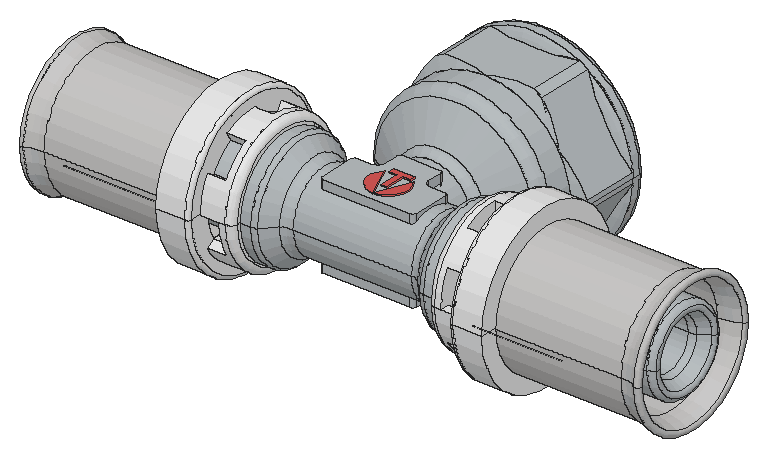
Revit family "VTm_232_ТройникПресс_ПереходВнутрРезьба1", category Соединительные детали трубопроводов, Revit 2017
Family settings
  Размер круглого соединителя = Использовать диаметр
  Тип детали = Боковой тройник
  На основе рабочей плоскости = Нет
  Всегда вертикально = Да
  При загрузке вырезать с полостями = Нет
  Общий = Нет
Parameters (values of type "16 х 1/2" х 16")
  Тело тройника = VTm_232_ТелоТройника_16_ПолДюйма_16 : 16 х 1/2" х 16
  Резьба = VTm_232_РезьбаСоСбегами_Внутр : 1/2" х 5 х 0,8
  Рад3 = Ду3 / 4  # 4.00 mm
  Рад2 = Ду2 / 4  # 3.75 mm
  Рад1 = Ду1 / 4  # 4.00 mm
  Описание = "Служит для присоединения фитингов с наружней резьбой к системам PEX и PE трубопроводов"  # constant formula
  Комментарии к типоразмеру = "Модель разработана по заказу ВЕСТА Регионы, автор Михаил Кузьмин НПО Инкомис, правообладатель ВЕСТА Регионы"  # constant formula
  Изготовитель = "VALTEC"  # constant formula
  Ду3 = 16.00 mm
  Ду2 = 15.00 mm
  Ду1 = 16.00 mm
  Длина основы 3 = 15.30 mm
  Длина основы 2 = 15.058 mm
  Длина основы 1 = 15.30 mm
  ГлубинаМамы х 07 = ГлубинаМамы * 0.7  # 9.10 mm
  ГлубинаМамы = 13.00 mm
  Гильза3 = VTm_232_Гильза_от_16_до_32 : 16
  Гильза1 = VTm_232_Гильза_от_16_до_32 : 16
  Видеть резьбу [instance] = yes
  VT_Цена базовая = 223
  VT_sleeve = Нержавеющая сталь
  VT_ring = Пластмасса, непрозрачная, белая
  VT_logo = Алюминий, анодированный красный
  VT_body = Цинк
  URL = "http://valtec.ru/catalog/sistemy_metallopolimernyh_i_polimernyh_truboprovodov/press_fitingi/press_fiting_trojnik_s_perehodom_na_vnutrennyuyu_rezbu_vtm232n.html"
  ADSK_Примечание = ""
  ADSK_Позиция = "232.160416"
  ADSK_Обозначение = "VTm.232.N.160416"
  ADSK_Наименование = "Тройник пресс с переходом на внутренюю резьбу 16х1/2\"х16 VTm.232"
  ADSK_Масса_Текст = "0,120"
  ADSK_Масса = 0.12
  ADSK_Завод-изготовитель = "VALTEC"  # constant formula
  ADSK_Единица измерения = "шт"  # constant formula
  ADSK_Версия семейства = "01.01"  # constant formula
  ADSK_Версия Revit = "2017"  # constant formula
Types (8, lengths in mm): name | Тело тройника | Резьба | Рад3 | Рад2 | Рад1 | Ду3 | Ду2 | Ду1 | Длина основы 3 | Длина основы 2 | Длина основы 1 | ГлубинаМамы х 07 | ГлубинаМамы | Гильза3 | Гильза1 | VT_Цена базовая | ADSK_Позиция | ADSK_Обозначение | ADSK_Наименование | ADSK_Масса_Текст | ADSK_Масса
  16 х 1/2" х 16 | VTm_232_ТелоТройника_16_ПолДюйма_16 : 16 х 1/2" х 16 | VTm_232_РезьбаСоСбегами_Внутр : 1/2" х 5 х 0,8 | 4.00 | 3.75 | 4.00 | 16.00 | 15.00 | 16.00 | 15.30 | 15.058 | 15.30 | 9.10 | 13.00 | VTm_232_Гильза_от_16_до_32 : 16 | VTm_232_Гильза_от_16_до_32 : 16 | 223 | "232.160416" | "VTm.232.N.160416" | "Тройник пресс с переходом на внутренюю резьбу 16х1/2\"х16 VTm.232" | "0,120" | 0.12
  20 х 1/2" 20 | VTm_232_ТелоТройника_20_ПолДюйма_20 : 20 х 1/2" х 20 | VTm_232_РезьбаСоСбегами_Внутр : 1/2" х 5 х 0,8 | 5.00 | 3.75 | 5.00 | 20.00 | 15.00 | 20.00 | 17.30 | 15.996 | 17.30 | 9.10 | 13.00 | VTm_232_Гильза_от_16_до_32 : 20 | VTm_232_Гильза_от_16_до_32 : 20 | 317 | "232.200420" | "VTm.232.N.200420" | "Тройник пресс с переходом на внутренюю резьбу 20х1/2\"х20 VTm.232" | "0,128" | 0.128
  20 х 3/4" х 20 | VTm_232_ТелоТройника_20_ТриЧетвертиДюйма_20 : 20 х 3/4" х 20 | VTm_232_РезьбаСоСбегами_Внутр : 3/4" х 5 х 1,8 | 5.00 | 5.00 | 5.00 | 20.00 | 20.00 | 20.00 | 18.30 | 17.555 | 18.30 | 9.80 | 14.00 | VTm_232_Гильза_от_16_до_32 : 20 | VTm_232_Гильза_от_16_до_32 : 20 | 370 | "232.200520" | "VTm.232.N.200520" | "Тройник пресс с переходом на внутренюю резьбу 20х3/4\"х20 VTm.232" | "0,192" | 0.192
  26 х 1" х 26 | VTm_232_ТелоТройника_26_1_26 : 26 х 1" х 26 | VTm_232_РезьбаСоСбегами_Внутр : 1" х 4 х 1,9 | 6.50 | 6.25 | 6.50 | 26.00 | 25.00 | 26.00 | 21.80 | 22.00 | 21.80 | 10.50 | 15.00 | VTm_232_Гильза_от_16_до_32 : 26 | VTm_232_Гильза_от_16_до_32 : 26 | 528 | "232.260626" | "VTm.232.N.260626" | "Тройник пресс с переходом на внутренюю резьбу 26х1\"х26 VTm.232" | "0,270" | 0.27
  26 х 1/2" х 26 | VTm_232_ТелоТройника_26_ПолДюйма_26 : 26 х 1/2" х 26 | VTm_232_РезьбаСоСбегами_Внутр : 1/2" х 5 х 0,8 | 6.50 | 3.75 | 6.50 | 26.00 | 15.00 | 26.00 | 21.30 | 17.634 | 21.30 | 9.10 | 13.00 | VTm_232_Гильза_от_16_до_32 : 26 | VTm_232_Гильза_от_16_до_32 : 26 | 431 | "232.260426" | "VTm.232.N.260426" | "Тройник пресс с переходом на внутренюю резьбу 26х1/2\"х26 VTm.232" | "0,244" | 0.244
  26 х 3/4" х 26 | VTm_232_ТелоТройника_26_ТриЧетвертиДюйма_26 : 26 х 3/4" х 26 | VTm_232_РезьбаСоСбегами_Внутр : 3/4" х 5 х 1,8 | 6.50 | 5.00 | 6.50 | 26.00 | 20.00 | 26.00 | 21.30 | 20.00 | 21.30 | 9.80 | 14.00 | VTm_232_Гильза_от_16_до_32 : 26 | VTm_232_Гильза_от_16_до_32 : 26 | 504 | "232.260526" | "VTm.232.N.260526" | "Тройник пресс с переходом на внутренюю резьбу 26х3/4\"х26 VTm.232" | "0,260" | 0.26
  32 х 1" х 32 | VTm_232_ТелоТройника_32_1_32 : 32 х 1" х 32 | VTm_232_РезьбаСоСбегами_Внутр : 1" х 4 х 1,9 | 8.00 | 6.25 | 8.00 | 32.00 | 25.00 | 32.00 | 24.30 | 23.50 | 24.297 | 10.50 | 15.00 | VTm_232_Гильза_от_16_до_32 : 32 | VTm_232_Гильза_от_16_до_32 : 32 | 705 | "232.320632" | "VTm.232.N.320632" | "Тройник пресс с переходом на внутренюю резьбу 32х1\"х32 VTm.232" | "0,444" | 0.444
  32 х 3/4" х 32 | VTm_232_ТелоТройника_32_ТриЧетвертиДюйма_32 : 32 х 3/4" х 32 | VTm_232_РезьбаСоСбегами_Внутр : 3/4" х 5 х 1,8 | 8.00 | 5.00 | 8.00 | 32.00 | 20.00 | 32.00 | 24.30 | 22.00 | 24.297 | 9.80 | 14.00 | VTm_232_Гильза_от_16_до_32 : 32 | VTm_232_Гильза_от_16_до_32 : 32 | 662 | "232.320532" | "VTm.232.N.320532" | "Тройник пресс с переходом на внутренюю резьбу 32х3/4\"х32 VTm.232" | "0,429" | 0.429
Reference planes
  plane 1 "По центру (Вперед/Назад)": y = 0
  plane 2: z = 0
  plane 3 "По центру (Влево/Вправо)": x = 0
  plane 4: x = -15.3
  plane 5: y = 15.058
  plane 6: x = 15.3
  plane 7: x = -15
  plane 8: y = 24.158
  plane 9: x = 15
  plane 10: x = -31.3
  plane 11: x = -47.3
  plane 12: x = 31.3
  plane 13: x = 47.3
  plane 14: y = -16
  plane 15: y = 16
Forms (mm)
  Extrusion 1, solid, not visible
    sketch origin (0, 0, 0) x (0, 1, 0) y (0, 0, 1)
      loop
        circle (0, 0) r 4
    from 0 to -15.3
  Extrusion 2, solid, not visible
    sketch origin (0, 0, 0) x (0, 1, 0) y (0, 0, -1)
      loop
        circle (0, 0) r 4
    from 0 to -15.3
  Extrusion 3, solid, not visible
    sketch origin (0, 0, 0) x (1, 0, 0) y (0, 0, 1)
      loop
        circle (0, 0) r 3.75
    from 0 to -15.058
Cuts and joins
  joined: Extrusion 1, Extrusion 2, Extrusion 3
Lines and regions (mm)
  model lines, style "VT_symbol", detail levels medium
    curve 1: line (-15, 24.158, 0) -> (-15, 15.058, 0)
    curve 2: line (15, 24.158, 0) -> (15, 15.058, 0)
    curve 3: line (-15, 15.058, 0) -> (15, 15.058, 0)
    curve 4: line (-15.3, 16, 0) -> (-47.3, -16, 0)
    curve 5: line (-47.3, 16, 0) -> (-15.3, -16, 0)
    curve 6: line (15.3, 16, 0) -> (47.3, -16, 0)
    curve 7: line (47.3, 16, 0) -> (15.3, -16, 0)
  model lines, style "VT_symbol", detail levels coarse+medium
    curve 8: line (-15.3, 0, 0) -> (15.3, 0, 0)
    curve 9: line (0, 15.058, 0) -> (0, 0, 0)
Dimensions and locks
  "Длина основы 1": plane 4 to plane 3 "По центру (Влево/Вправо)"
  "Длина основы 3": plane 3 "По центру (Влево/Вправо)" to plane 6
  "Длина основы 2": plane 5 to plane 1 "По центру (Вперед/Назад)"
  "ГлубинаМамы х 07": plane 8 to plane 5
  equal spacing: plane 7, plane 3 "По центру (Влево/Вправо)", plane 9
  "Ду2": plane 7 to plane 3 "По центру (Влево/Вправо)"
  equal spacing: plane 15, plane 1 "По центру (Вперед/Назад)", plane 14
  equal spacing: plane 11, plane 10, plane 4
  equal spacing: plane 6, plane 12, plane 13
  "Ду1": plane 6 to plane 12
  "Ду1": plane 10 to plane 4
  "Ду1": plane 14 to plane 1 "По центру (Вперед/Назад)"
  "Рад1": radius of Extrusion 1 sketch curve
  "Рад3": radius of Extrusion 2 sketch curve
  "Рад2": radius of Extrusion 3 sketch curve
  aligned and locked: level to plane 2
  aligned and locked: plane 1 "По центру (Вперед/Назад)" to nested 1
  aligned and locked: plane 3 "По центру (Влево/Вправо)" to nested 1
  aligned and locked: plane 1 "По центру (Вперед/Назад)" to Extrusion 1 sketch curve
  aligned and locked: plane 2 to Extrusion 1 sketch curve
  aligned and locked: plane 3 "По центру (Влево/Вправо)" to Extrusion 1
  aligned and locked: Extrusion 1 to plane 4
  aligned and locked: plane 6 to Extrusion 2
  aligned and locked: Extrusion 2 to plane 3 "По центру (Влево/Вправо)"
  aligned and locked: plane 3 "По центру (Влево/Вправо)" to Extrusion 3 sketch curve
  aligned and locked: plane 2 to Extrusion 3 sketch curve
  aligned and locked: plane 1 "По центру (Вперед/Назад)" to Extrusion 3
  aligned and locked: plane 5 to Extrusion 3
  aligned and locked: nested 2 to plane 1 "По центру (Вперед/Назад)"
  aligned and locked: plane 1 "По центру (Вперед/Назад)" to nested 3
  aligned and locked: plane 3 "По центру (Влево/Вправо)" to nested 4
  aligned and locked: plane 2 to nested 4
  aligned and locked: plane 8 to curve 1
  aligned and locked: plane 8 to curve 2
  aligned and locked: curve 2 to plane 9
  aligned and locked: curve 3 to plane 5
  aligned and locked: plane 15 to curve 4
  aligned and locked: plane 4 to curve 4
  aligned and locked: plane 4 to curve 5
  aligned and locked: plane 14 to curve 5
  aligned and locked: plane 14 to curve 4
  aligned and locked: plane 11 to curve 4
  aligned and locked: plane 11 to curve 5
  aligned and locked: plane 15 to curve 5
  aligned and locked: plane 6 to curve 6
  aligned and locked: plane 15 to curve 6
  aligned and locked: plane 15 to curve 7
  aligned and locked: plane 13 to curve 7
  aligned and locked: plane 13 to curve 6
  aligned and locked: plane 14 to curve 6
  aligned and locked: plane 14 to curve 7
  aligned and locked: plane 6 to curve 7
  aligned and locked: curve 8 to curve 9
  aligned and locked: curve 8 to nested 1
  aligned and locked: curve 9 to nested 1
  aligned and locked: plane 4 to curve 8
  aligned and locked: plane 6 to curve 8
  aligned and locked: plane 5 to curve 9
  aligned and locked: nested 6 to plane 1 "По центру (Вперед/Назад)"
  aligned and locked: nested 5 to plane 1 "По центру (Вперед/Назад)"
  aligned and locked: nested 5 to plane 2
  aligned and locked: nested 6 to plane 2
  aligned and locked: plane 3 "По центру (Влево/Вправо)" to nested 7
  aligned and locked: nested 7 to plane 2
Automatic sketch dimensions
  curve 3 to plane 7 = 0.00 mm
  Extrusion 2 sketch curve to level = 0.00 mm
  Extrusion 2 sketch curve to plane 1 "По центру (Вперед/Назад)" = 0.00 mm
Nested families
  nested 1: "VTm_232_ТелоТройника_16_ПолДюйма_16" at (0, 0, 0), type <- "Тело тройника", type "16 х 1/2" х 16", detail levels fine
  nested 2: "VTm_232_Гильза_от_16_до_32" at (-15.3, 0, 0) x (0, 1, 0) z (-1, 0, 0), type <- "Гильза1", type "16", detail levels fine
  nested 3: "VTm_232_Гильза_от_16_до_32" at (15.3, 0, 0) x (0, -1, 0) z (1, 0, 0), type <- "Гильза3", type "16", detail levels fine
  nested 4: "VTm_232_РезьбаСоСбегами_Внутр" at (0, 15.058, 0) x (1, 0, 0) z (0, 1, 0), type <- "Резьба", visible <- "Видеть резьбу", type "1/2" х 5 х 0,8", detail levels fine
  nested 5: "MarkR" at (15.3, 0, 0) x (0, 1, 0) z (1, 0, 0), type "MarkR", not visible
  nested 6: "MarkR" at (-15.3, 0, 0) x (0, 1, 0) z (1, 0, 0), type "MarkR", not visible
  nested 7: "MarkR" at (0, 15.058, 0) x (1, 0, 0) z (0, -1, 0), type "MarkR", not visible
Connectors
  piping at (-15.3, 0, 0), diameter 16, driven by "Ду1"
    settings: on Extrusion 1, index 1, connector inside diameter 609.6 mm, connector length 0.00 mm, flow factor 0, pipe flow 0.0 L/s, pressure drop 0.0 Pa, fitting loss kfactor 0, connector angle 0.00°, fixture units 0, engagement length 0.00 mm, angle of deflection 0.00°, flow configuration 0, flow direction 0, fitting loss method 0, system type 28, joint type 0, gender type 0, connector reference index 2, connector utility 0, adjustable connector no, is connector primary yes, connector description ""
  piping at (15.3, 0, 0), diameter 16, driven by "Ду3"
    settings: on Extrusion 2, index 2, connector inside diameter 609.6 mm, connector length 0.00 mm, flow factor 0, pipe flow 0.0 L/s, pressure drop 0.0 Pa, fitting loss kfactor 0, connector angle 0.00°, fixture units 0, engagement length 0.00 mm, angle of deflection 0.00°, flow configuration 0, flow direction 0, fitting loss method 0, system type 28, joint type 0, gender type 0, connector reference index 1, connector utility 0, adjustable connector no, is connector primary no, connector description ""
  piping at (0, 15.058, 0), diameter 15, driven by "Ду2"
    settings: on Extrusion 3, index 3, connector inside diameter 609.6 mm, connector length 0.00 mm, flow factor 0, pipe flow 0.0 L/s, pressure drop 0.0 Pa, fitting loss kfactor 0, connector angle 90.00°, fixture units 0, engagement length 0.00 mm, angle of deflection 0.00°, flow configuration 0, flow direction 0, fitting loss method 0, system type 28, joint type 0, gender type 0, connector reference index -1, connector utility 0, adjustable connector no, is connector primary no, connector description ""
Definition of nested family "VTm_232_ТелоТройника_16_ПолДюйма_16"
  Parameters (values of type "16 х 1/2" х 16")
    VT_logo = none
    VT_body = none
  Reference planes
    plane 1 "По центру (Вперед/Назад)": y = 0
    plane 2: z = 0
    plane 3 "По центру (Влево/Вправо)": x = 0
    plane 4: z = 0.6
    plane 5: z = -0.6
    plane 6: z = 5.752
    plane 7: z = -5.752
    plane 8: x = -13.5
    plane 9: x = 13.5
    plane 10: y = 17.278
  Forms (mm)
    Revolve 1, solid, material <- "VT_body"
      sketch origin (0, 0, 0) x (1, 0, 0) y (0, 1, 0)
        loop
          line (-9.9, 17.278) -> (-12, 17.278) -> (-12, 14)
          arc (-12, 14) -> (-11.719, 12.951) -> (-10.951, 12.183) r 2.098
          line (-10.951, 12.183) -> (-6.308, 9.502)
          arc (-6.308, 9.502) -> (-5.716, 8.911) -> (-5.5, 8.103) r 1.616
          line (-5.5, 8.103) -> (-5.5, 0) -> (0, 0) -> (0, 15.058) -> (-9.9, 15.058) -> (-9.9, 17.278)
        axis (0, 0) -> (0, 17.278)
      angle from 0 to 360
    Extrusion 2, solid, material <- "VT_body"
      sketch origin (0, 0, 0) x (1, 0, 0) y (0, 1, 0)
        loop
          arc (-2.499, 6.503) -> (-2.867, 6.351) -> (-3.02, 5.983) r 0.521
          line (-3.02, 5.983) -> (-3.02, 3.965)
          arc (-3.02, 3.965) -> (-3.302, 3.283) -> (-3.985, 3) r 0.965
          line (-3.985, 3) -> (-5.983, 3)
          arc (-5.983, 3) -> (-6.349, 2.849) -> (-6.5, 2.483) r 0.517
          line (-6.5, 2.483) -> (-6.5, -2.483)
          arc (-6.5, -2.483) -> (-6.348, -2.848) -> (-5.983, -3) r 0.517
          line (-5.983, -3) -> (5.961, -3)
          arc (5.961, -3) -> (6.342, -2.842) -> (6.5, -2.461) r 0.539
          line (6.5, -2.461) -> (6.5, 2.499)
          arc (6.5, 2.499) -> (6.353, 2.853) -> (5.999, 3) r 0.501
          line (5.999, 3) -> (3.917, 3)
          arc (3.917, 3) -> (3.283, 3.263) -> (3.02, 3.897) r 0.897
          line (3.02, 3.897) -> (3.02, 5.983)
          arc (3.02, 5.983) -> (2.867, 6.351) -> (2.499, 6.503) r 0.521
          line (2.499, 6.503) -> (-2.499, 6.503)
      from -5.752 to 5.752
    Revolve 3, solid, material <- "VT_body"
      sketch origin (0, 0, 0) x (1, 0, 0) y (0, 1, 0)
        loop
          line (-13.5, -8) -> (-11.917, -8)
          arc (-11.917, -8) -> (-11.532, -7.923) -> (-11.205, -7.705) r 1.008
          line (-11.205, -7.705) -> (-9.614, -6.114)
          arc (-9.614, -6.114) -> (-8.934, -5.66) -> (-8.131, -5.5) r 2.097
          line (-8.131, -5.5) -> (8.131, -5.5)
          arc (8.131, -5.5) -> (8.934, -5.66) -> (9.614, -6.114) r 2.097
          line (9.614, -6.114) -> (11.205, -7.705)
          arc (11.205, -7.705) -> (11.532, -7.923) -> (11.917, -8) r 1.008
          line (11.917, -8) -> (13.5, -8) -> (13.5, 0) -> (-13.5, 0) -> (-13.5, -8)
        axis (-13.5, 0) -> (13.5, 0)
      angle from 0 to 360
    Extrusion 4, solid, material <- "VT_body"
      sketch origin (0, 0, 0) x (1, 0, 0) y (0, 1, 0)
        loop
          line (-11.021, 7.521) -> (-9.591, 6.091)
          arc (-9.591, 6.091) -> (-8.936, 5.654) -> (-8.164, 5.5) r 2.018
          line (-8.164, 5.5) -> (-5.5, 5.5) -> (-5.5, 8.163)
          arc (-5.5, 8.163) -> (-5.703, 8.919) -> (-6.256, 9.472) r 1.512
          line (-6.256, 9.472) -> (-8.522, 10.781) -> (-11.021, 7.521)
      from -0.6 to 0.6
    Extrusion 5, solid, material <- "VT_body"
      sketch origin (0, 0, 0) x (-1, 0, 0) y (0, -1, 0)
        loop
          line (-11.021, -7.521) -> (-8.522, -10.781) -> (-6.256, -9.472)
          arc (-6.256, -9.472) -> (-5.703, -8.919) -> (-5.5, -8.163) r 1.512
          line (-5.5, -8.163) -> (-5.5, -5.5) -> (-8.164, -5.5)
          arc (-8.164, -5.5) -> (-8.936, -5.654) -> (-9.591, -6.091) r 2.018
          line (-9.591, -6.091) -> (-11.021, -7.521)
      from -0.6 to 0.6
  Cuts and joins
    joined: Revolve 1, Revolve 3
  Dimensions and locks
    equal spacing: plane 4, plane 2, plane 5
    equal spacing: plane 6, plane 2, plane 7, locked at 5.752 each
    locked: plane 2 to plane 5 at 0.6
    Revolve 1 sketch curve to plane 3 "По центру (Влево/Вправо)" = 9.90 mm
    plane 10 to Revolve 1 sketch curve = 2.22 mm
    equal spacing: Extrusion 4, plane 3 "По центру (Влево/Вправо)", Extrusion 5, locked at 5.5 each
    locked: plane 1 "По центру (Вперед/Назад)" to Extrusion 4 at 5.5
    locked: plane 1 "По центру (Вперед/Назад)" to Extrusion 5 at 5.5
    equal spacing: plane 8, plane 3 "По центру (Влево/Вправо)", plane 9, locked at 13.5 each
    locked: plane 10 to plane 1 "По центру (Вперед/Назад)" at 17.278
    locked: plane 1 "По центру (Вперед/Назад)" to cut or joined group of Revolve 1, Revolve 3 at 15.058
    equal spacing: Extrusion 2, plane 3 "По центру (Влево/Вправо)", Extrusion 2, locked at 6.5 each
    equal spacing: Extrusion 2, plane 3 "По центру (Влево/Вправо)", Extrusion 2, locked at 3.02 each
    equal spacing: Extrusion 2, plane 1 "По центру (Вперед/Назад)", Extrusion 2, locked at 3 each  (x2)
    locked: Extrusion 2 to plane 1 "По центру (Вперед/Назад)" at 6.503
    aligned and locked: level to plane 2
    aligned and locked: plane 1 "По центру (Вперед/Назад)" to Revolve 1 sketch curve  (x3)
    aligned and locked: Revolve 1 sketch curve to plane 3 "По центру (Влево/Вправо)"
    aligned and locked: plane 3 "По центру (Влево/Вправо)" to Revolve 1 sketch curve
    aligned and locked: plane 6 to Extrusion 2
    aligned and locked: plane 7 to Extrusion 2
    aligned and locked: Revolve 3 sketch curve to plane 8
    aligned and locked: Revolve 3 sketch curve to plane 9
    aligned and locked: plane 9 to Revolve 3 sketch curve
    aligned and locked: plane 8 to Revolve 3 sketch curve
    aligned and locked: plane 10 to Revolve 1 sketch curve  (x2)
    aligned and locked: nested 1 to plane 10
    aligned and locked: nested 1 to plane 3 "По центру (Влево/Вправо)"
    aligned and locked: plane 3 "По центру (Влево/Вправо)" to nested 2
    aligned and locked: plane 1 "По центру (Вперед/Назад)" to nested 2
    aligned and locked: nested 3 to plane 3 "По центру (Влево/Вправо)"
    aligned and locked: plane 1 "По центру (Вперед/Назад)" to nested 3
  Automatic sketch dimensions
    Revolve 1 sketch curve to Revolve 1 sketch curve = 0.002 mm
    Revolve 1 sketch curve to Revolve 1 sketch curve = 1.049 mm
    plane 8 to Revolve 1 sketch curve = 1.50 mm
    Revolve 1 sketch curve to Revolve 1 sketch curve = 3.835 mm
    Revolve 1 sketch curve to Revolve 1 sketch curve = 0.808 mm
    Revolve 1 sketch curve to plane 1 "По центру (Вперед/Назад)" = 8.103 mm
    Extrusion 2 sketch curve to plane 1 "По центру (Вперед/Назад)" = 2.483 mm
    Extrusion 2 sketch curve to plane 3 "По центру (Влево/Вправо)" = 6.50 mm
    Extrusion 2 sketch curve to Extrusion 2 sketch curve = 0.517 mm  (x2)
    Extrusion 2 sketch curve to Extrusion 2 sketch curve = 1.999 mm
    Extrusion 2 sketch curve to Extrusion 2 sketch curve = 0.965 mm
    Extrusion 2 sketch curve to Extrusion 2 sketch curve = 0.521 mm  (x2)
    plane 3 "По центру (Влево/Вправо)" to Extrusion 2 sketch curve = 2.499 mm
    Extrusion 2 sketch curve to Extrusion 2 sketch curve = 0.897 mm
    Extrusion 2 sketch curve to Extrusion 2 sketch curve = 2.044 mm
    Extrusion 2 sketch curve to Extrusion 2 sketch curve = 2.083 mm
    Extrusion 2 sketch curve to Extrusion 2 sketch curve = 0.501 mm
    plane 1 "По центру (Вперед/Назад)" to Extrusion 2 sketch curve = 2.461 mm
    Extrusion 2 sketch curve to plane 1 "По центру (Вперед/Назад)" = 2.499 mm
    Extrusion 2 sketch curve to Extrusion 2 sketch curve = 2.085 mm
    plane 1 "По центру (Вперед/Назад)" to Revolve 3 sketch curve = 0.00 mm  (x2)
    plane 8 to Revolve 3 sketch curve = 1.583 mm
    Revolve 3 sketch curve to Revolve 3 sketch curve = 0.713 mm  (x2)
    Revolve 3 sketch curve to Revolve 3 sketch curve = 1.591 mm  (x2)
    Revolve 3 sketch curve to Revolve 3 sketch curve = 1.483 mm  (x2)
    Revolve 3 sketch curve to plane 9 = 5.369 mm
    Revolve 3 sketch curve to Revolve 3 sketch curve = 0.00 mm
    plane 1 "По центру (Вперед/Назад)" to Revolve 3 sketch curve = 5.50 mm
    Revolve 3 sketch curve to Revolve 3 sketch curve = 0.614 mm  (x2)
    plane 8 to Extrusion 4 sketch curve = 2.479 mm
    Extrusion 4 sketch curve to Extrusion 4 sketch curve = 1.43 mm
    Extrusion 4 sketch curve to Extrusion 4 sketch curve = 2.499 mm
    Extrusion 4 sketch curve to Extrusion 4 sketch curve = 1.427 mm
    Extrusion 4 sketch curve to Extrusion 4 sketch curve = 1.152 mm
    Extrusion 4 sketch curve to Extrusion 4 sketch curve = 0.756 mm  (x2)
    Extrusion 4 sketch curve to plane 1 "По центру (Вперед/Назад)" = 5.50 mm
    Extrusion 4 sketch curve to Extrusion 4 sketch curve = 0.591 mm
    Extrusion 4 sketch curve to Extrusion 4 sketch curve = 0.645 mm
    plane 9 to Extrusion 5 sketch curve = 2.479 mm
    Extrusion 5 sketch curve to Extrusion 5 sketch curve = 1.43 mm
    Extrusion 5 sketch curve to Extrusion 5 sketch curve = 2.499 mm
    Extrusion 5 sketch curve to Extrusion 5 sketch curve = 1.427 mm
    Extrusion 5 sketch curve to Extrusion 5 sketch curve = 1.152 mm
    Extrusion 5 sketch curve to Extrusion 5 sketch curve = 0.756 mm  (x2)
    plane 1 "По центру (Вперед/Назад)" to Extrusion 5 sketch curve = 5.50 mm
    Extrusion 5 sketch curve to Extrusion 5 sketch curve = 0.591 mm
    Extrusion 5 sketch curve to Extrusion 5 sketch curve = 0.645 mm
  Nested families
    nested 1: "VTm_232_ГайкаТипА_ШестьГран_ПолДюйма" at (0, 17.278, 0) x (0, -1, 0) z (0, 0, 1), type "1/2""
    nested 2: "VTm_232_Logo_5_5mm" at (0, 0.8, 5.752), type "VTm_232_Logo_5_5mm"
    nested 3: "VTm_232_Logo_5_5mm" at (0, 0.8, -5.752) x (-1, 0, 0) z (0, 0, -1), type "VTm_232_Logo_5_5mm"
  Definition of nested family "VTm_232_ГайкаТипА_ШестьГран_ПолДюйма"
    Parameters (values of type "1/2"")
      РадУсл = 9.90 mm
      Под ключ = 24.00 mm
      РадВн торец гайка = 9.90 mm
      РадН торец гайки = 13.86 mm
      Ду = 15.00 mm
      Глубина = 8.781 mm
      Б = Под ключ * tan(30.00°)  # 13.856 mm
      А = Под ключ * 0.5 * tan(30.00°)  # 6.928 mm
      VT_body = none
    Reference planes
      plane 1 "По центру (Вперед/Назад)": y = 0
      plane 2: z = 0
      plane 3 "По центру (Влево/Вправо)": x = 0
      plane 4: x = -8.812
      plane 5: x = -10.281
      plane 6: x = -10.781
      plane 7: z = 12
      plane 8: z = -12
      plane 9: y = 6.928
      plane 10: y = 13.856
      plane 11: y = -6.928
      plane 12: y = -13.856
      plane 13: x = -7.924
      plane 14: y = -13.485
      plane 15: x = -2
      plane 16: through (0, 22.899, 15.662) normal (0, -0.866, 0.5)
      plane 17: through (0, -24.917, 19.157) normal (0, -0.866, -0.5)
    Forms (mm)
      Extrusion 1, solid, material <- "VT_body"
        sketch origin (0, 0, 0) x (0, 1, 0) y (0, 0, 1)
          loop
            line (6.928, 12) -> (-6.928, 12) -> (-13.856, 0) -> (-6.928, -12) -> (6.928, -12) -> (13.856, 0) -> (6.928, 12)
        from 0 to -8.812
      Revolve 2, void
        sketch origin (0, 0, 0) x (1, 0, 0) y (0, 1, 0)
          loop
            line (0, -11.96) -> (-0.88, -13.485) -> (-8.812, -13.485) -> (-8.812, -15.106) -> (0, -15.106) -> (0, -11.96)
          axis (-8.812, 0) -> (0, 0)
        angle from 0 to 360
      Revolve 3, solid, material <- "VT_body"
        sketch origin (0, 0, 0) x (1, 0, 0) y (0, 1, 0)
          loop
            line (-10.014, -13.485) -> (-8.803, -13.485)
            arc (-8.803, -13.485) -> (-8.15, -12.336) -> (-7.924, -11.035) r 3.853
            line (-7.924, -11.035) -> (-7.924, 0) -> (-10.781, 0) -> (-10.781, -12.717)
            arc (-10.781, -12.717) -> (-10.556, -13.26) -> (-10.014, -13.485) r 0.768
          axis (-10.781, 0) -> (-7.924, 0)
        angle from 0 to 360
      Extrusion 4, void
        sketch origin (0, 0, 0) x (0, 1, 0) y (0, 0, 1)
          loop
            circle (0, 0) r 9.9
        from 0 to -10.781
    Cuts and joins
      Revolve 2, Extrusion 4 cuts Extrusion 1
      Extrusion 4 cuts Revolve 3
      joined: Extrusion 1, Revolve 3
    Dimensions and locks
      equal spacing: plane 7, plane 2, plane 8
      "Под ключ": plane 7 to plane 8
      equal spacing: plane 9, plane 1 "По центру (Вперед/Назад)", plane 11
      equal spacing: plane 10, plane 1 "По центру (Вперед/Назад)", plane 12
      "Б": plane 10 to plane 1 "По центру (Вперед/Назад)"
      "А": plane 9 to plane 1 "По центру (Вперед/Назад)"
      "Глубина": plane 6 to plane 15
      locked: plane 4 to plane 3 "По центру (Влево/Вправо)" at 8.812
      locked: plane 6 to plane 3 "По центру (Влево/Вправо)" at 10.781
      "РадВн торец гайка": radius of Extrusion 4 sketch curve
      aligned and locked: level to plane 2
      aligned and locked: Extrusion 1 sketch curve to plane 7
      aligned and locked: Extrusion 1 sketch curve to plane 8
      aligned and locked: plane 11 to Extrusion 1 sketch curve  (x2)
      aligned and locked: plane 9 to Extrusion 1 sketch curve  (x2)
      aligned and locked: plane 2 to Extrusion 1 sketch curve  (x2)
      aligned and locked: plane 10 to Extrusion 1 sketch curve
      aligned and locked: plane 12 to Extrusion 1 sketch curve
      aligned and locked: plane 3 "По центру (Влево/Вправо)" to Extrusion 1
      aligned and locked: plane 1 "По центру (Вперед/Назад)" to Revolve 2 sketch curve
      aligned and locked: Revolve 3 sketch curve to plane 13
      aligned and locked: plane 6 to Revolve 3 sketch curve  (x2)
      aligned and locked: Revolve 2 sketch curve to plane 14
      aligned and locked: plane 14 to Revolve 3 sketch curve
      aligned and locked: plane 13 to Revolve 3 sketch curve
      aligned and locked: plane 16 to cut or joined group of Extrusion 1, Revolve 2, Revolve 3, Extrusion 4
      aligned and locked: plane 17 to cut or joined group of Extrusion 1, Revolve 2, Revolve 3, Extrusion 4
      aligned and locked: plane 4 to Extrusion 1
      aligned and locked: plane 3 "По центру (Влево/Вправо)" to Extrusion 4
      aligned and locked: plane 6 to Extrusion 4
    Automatic sketch dimensions
      plane 13 to Revolve 2 sketch curve = 0.889 mm
      Revolve 2 sketch curve to plane 3 "По центру (Влево/Вправо)" = 0.00 mm
      Revolve 2 sketch curve to plane 3 "По центру (Влево/Вправо)" = 0.88 mm
      plane 12 to Revolve 2 sketch curve = 1.25 mm
      Revolve 2 sketch curve to Revolve 2 sketch curve = 1.524 mm
      plane 6 to Revolve 2 sketch curve = 1.933 mm
      plane 3 "По центру (Влево/Вправо)" to Revolve 2 sketch curve = 13.936 mm
      plane 1 "По центру (Вперед/Назад)" to Revolve 3 sketch curve = 0.00 mm  (x2)
      plane 6 to Revolve 3 sketch curve = 0.995 mm
      Revolve 3 sketch curve to plane 5 = 0.268 mm
      Revolve 3 sketch curve to plane 4 = 0.01 mm
      Extrusion 4 sketch curve to level = 0.00 mm
      Extrusion 4 sketch curve to plane 1 "По центру (Вперед/Назад)" = 0.00 mm
  Definition of nested family "VTm_232_Logo_5_5mm"
    Parameters (values of type "VTm_232_Logo_5_5mm")
      Default Elevation = 0.00 mm
      Description = ""
      Type Comments = ""
      VT_logo = none
    Reference planes
      plane 1 "По центру (Вперед/Назад)": y = 0
      plane 2: z = 0
      plane 3 "По центру (Влево/Вправо)": x = 0
      plane 4: z = -0.8
      plane 5: z = 0.1
    Forms (mm)
      Extrusion 1, solid, not visible
        sketch origin (0, 0, 0) x (1, 0, 0) y (0, 1, 0)
          loop
            line (-1219.2, 1219.2) -> (-1219.2, -1219.2) -> (1219.2, -1219.2) -> (1219.2, 1219.2) -> (-1219.2, 1219.2)
        from 0 to -304.8
      Extrusion 2, solid, material <- "VT_logo"
        sketch origin (0, 0, 0) x (1, 0, 0) y (0, 1, 0)
          loop
            arc (-2.006, 1.803) -> (-2.464, -1.097) -> (-0.002, -2.697) r 2.697
            line (-0.002, -2.697) -> (-2.006, 1.803)
          loop
            line (-0.42, 1.945) -> (-0.42, -0.8) -> (0.42, -0.8) -> (0.42, 1.945) -> (1.5, 1.945) -> (1.5, 2.749) -> (-1.5, 2.749) -> (-1.5, 1.945) -> (-0.42, 1.945)
        from -0.8 to 0.1
      Extrusion 3, solid, material <- "VT_logo"
        sketch origin (0, 0, 0) x (1, 0, 0) y (0, 1, 0)
          loop
            arc (0.002, -2.697) -> (2.464, -1.097) -> (2.006, 1.803) r 2.697
            line (2.006, 1.803) -> (0.002, -2.697)
        from -0.8 to 0.1
    Dimensions and locks
      equal spacing: Extrusion 2 sketch curve, plane 3 "По центру (Влево/Вправо)", Extrusion 2 sketch curve  (x2)
      plane 3 "По центру (Влево/Вправо)" to Extrusion 2 sketch curve = 0.42 mm
      Extrusion 2 sketch curve to plane 3 "По центру (Влево/Вправо)" to Extrusion 2 sketch curve = 1.50 mm, 1.50 mm
      Extrusion 2 sketch curve to Extrusion 2 sketch curve = 0.803 mm  (x2)
      locked: plane 2 to plane 4 at 0.8
      locked: plane 5 to plane 2 at 0.1
      equal spacing: Extrusion 2, plane 3 "По центру (Влево/Вправо)", Extrusion 2, locked at 1.5 each
      equal spacing: Extrusion 2, plane 3 "По центру (Влево/Вправо)", Extrusion 2, locked at 0.42 each
      locked: Extrusion 2 to plane 1 "По центру (Вперед/Назад)" at 2.749
      locked: Extrusion 2 to plane 1 "По центру (Вперед/Назад)" at 0.8
      locked: Extrusion 2 to Extrusion 2 at 0.803
      Extrusion 2 sketch curve to plane 1 "По центру (Вперед/Назад)" = 0.80 mm
      aligned and locked: plane 2 to Extrusion 1
      aligned and locked: level to Extrusion 1
      aligned and locked: plane 5 to Extrusion 2
      aligned and locked: plane 3 "По центру (Влево/Вправо)" to Extrusion 2 sketch curve
      aligned and locked: plane 1 "По центру (Вперед/Назад)" to Extrusion 2 sketch curve
      aligned and locked: plane 3 "По центру (Влево/Вправо)" to Extrusion 3 sketch curve
      aligned and locked: plane 1 "По центру (Вперед/Назад)" to Extrusion 3 sketch curve
      aligned and locked: plane 5 to Extrusion 3
      aligned and locked: Extrusion 2 to plane 4
      aligned and locked: Extrusion 2 to Extrusion 3
    Automatic sketch dimensions
      Extrusion 1 sketch curve to Extrusion 1 sketch curve = 2438.40 mm  (x2)
      Extrusion 2 sketch curve to Extrusion 2 sketch curve = 0.506 mm
      Extrusion 2 sketch curve to plane 3 "По центру (Влево/Вправо)" = 0.002 mm
      Extrusion 2 sketch curve to Extrusion 2 sketch curve = 1.897 mm
      Extrusion 2 sketch curve to Extrusion 2 sketch curve = 0.142 mm
      plane 3 "По центру (Влево/Вправо)" to Extrusion 3 sketch curve = 0.002 mm
      plane 3 "По центру (Влево/Вправо)" to Extrusion 3 sketch curve = 2.006 mm
      plane 1 "По центру (Вперед/Назад)" to Extrusion 3 sketch curve = 2.697 mm
Definition of nested family "VTm_232_Гильза_от_16_до_32"
  Parameters (values of type "16")
    ТолщСтенкТруб = 2.10 mm
    РегулировкаВысотГильз = 17.30 mm
    РадПерфНаруж = 9.30 mm
    РадПерфВнутр = РадПерфНаруж - 1.30 mm  # 8.00 mm
    РадГабаритКольца = 11.20 mm
    Default Elevation = 0.00 mm
    НарРадТруб = НарДиамТруб / 2  # 8.00 mm
    НарДиамТруб = 16.00 mm
    ВысотаОкон = 2.697 mm
    VT_body = none
    VT_ring = none
    VT_sleeve = none
  Types (4, lengths in mm): name | ТолщСтенкТруб | РегулировкаВысотГильз | РадПерфНаруж | РадПерфВнутр | РадГабаритКольца | НарРадТруб | НарДиамТруб
    16 | 2.10 | 17.30 | 9.30 | 8.00 | 11.20 | 8.00 | 16.00
    20 | 2.10 | 17.35 | 11.45 | 10.15 | 13.20 | 10.05 | 20.10
    26 | 3.05 | 17.20 | 14.35 | 13.05 | 16.25 | 13.075 | 26.15
    32 | 3.10 | 16.80 | 17.30 | 16.00 | 19.40 | 16.175 | 32.35
  Reference planes
    plane 1 "По центру (Вперед/Назад)": y = 0
    plane 2: z = 0
    plane 3 "По центру (Влево/Вправо)": x = 0
    plane 4: z = -1.8
    plane 5: z = 2.697
    plane 6: z = 7.197
    plane 7: x = -11.2
    plane 8: x = -9.3
    plane 9 "РадПерфВнутр": x = -8
    plane 10: through (0, 0, 1219.2) normal (-0.5, -0.866, 0)
    plane 11: through (0, 0, 1219.2) normal (-0.866, -0.5, 0)
    plane 12: through (0, 0, 1219.2) normal (-0.866, 0.5, 0)
    plane 13: through (0, 0, 1219.2) normal (-0.5, 0.866, 0)
    plane 14: x = -8.9
    plane 15: z = 24.497
    plane 16: z = 27.313
    plane 17: x = -5.9
    plane 18: x = -3.5
    plane 19 "РадНарТруб": x = -8
    plane 20: x = -13.75
  Forms (mm)
    Extrusion 1, solid, not visible
      sketch origin (0, 0, 0) x (1, 0, 0) y (0, 1, 0)
        loop
          line (-1219.2, 1219.2) -> (-1219.2, -1219.2) -> (1219.2, -1219.2) -> (1219.2, 1219.2) -> (-1219.2, 1219.2)
      from 0 to -304.8
    Revolve 2, solid, material <- "VT_ring"
      sketch origin (0, 0, 0) x (1, 0, 0) y (0, 0, 1)
        loop
          line (-8, 0) -> (-8, 2.697) -> (-9.3, 2.697) -> (-9.3, -0.817)
          arc (-9.3, -0.817) -> (-9.012, -1.512) -> (-8.317, -1.8) r 0.983
          line (-8.317, -1.8) -> (0, -1.8) -> (0, 0) -> (-8, 0)
        axis (0, 2.697) -> (0, -1.8)
      angle from 0 to 360
    Extrusion 3, void
      sketch origin (0, 0, 0) x (1, 0, 0) y (0, 1, 0)
        loop
          line (-9.3, 0) -> (-8, 0)
          arc (-8, 0) -> (-7.727, 2.071) -> (-6.928, 4) r 8
          line (-6.928, 4) -> (-8.054, 4.65)
          arc (-8.054, 4.65) -> (-8.983, 2.407) -> (-9.3, 0) r 9.3
        loop
          arc (-4, 6.928) -> (-2.071, 7.727) -> (0, 8) r 8
          line (0, 8) -> (0, 9.3)
          arc (0, 9.3) -> (-2.407, 8.983) -> (-4.65, 8.054) r 9.3
          line (-4.65, 8.054) -> (-4, 6.928)
        loop
          arc (4, 6.928) -> (5.657, 5.657) -> (6.928, 4) r 8
          line (6.928, 4) -> (8.054, 4.65)
          arc (8.054, 4.65) -> (6.576, 6.576) -> (4.65, 8.054) r 9.3
          line (4.65, 8.054) -> (4, 6.928)
        loop
          arc (8, 0) -> (7.727, -2.071) -> (6.928, -4) r 8
          line (6.928, -4) -> (8.054, -4.65)
          arc (8.054, -4.65) -> (8.983, -2.407) -> (9.3, 0) r 9.3
          line (9.3, 0) -> (8, 0)
        loop
          arc (4, -6.928) -> (2.071, -7.727) -> (0, -8) r 8
          line (0, -8) -> (0, -9.3)
          arc (0, -9.3) -> (2.407, -8.983) -> (4.65, -8.054) r 9.3
          line (4.65, -8.054) -> (4, -6.928)
        loop
          arc (-8.054, -4.65) -> (-6.576, -6.576) -> (-4.65, -8.054) r 9.3
          line (-4.65, -8.054) -> (-4, -6.928)
          arc (-4, -6.928) -> (-5.657, -5.657) -> (-6.928, -4) r 8
          line (-6.928, -4) -> (-8.054, -4.65)
      from 0 to 2.697
    Revolve 4, solid, material <- "VT_ring"
      sketch origin (0, 0, 0) x (1, 0, 0) y (0, 0, 1)
        loop
          line (-11.2, 7.197) -> (-11.2, 3.224)
          arc (-11.2, 3.224) -> (-11.046, 2.851) -> (-10.674, 2.697) r 0.526
          line (-10.674, 2.697) -> (-8, 2.697) -> (-8, 7.197) -> (-11.2, 7.197)
        axis (0, 2.697) -> (0, 7.197)
      angle from 0 to 360
    Revolve 5, solid, material <- "VT_sleeve"
      sketch origin (0, 0, 0) x (1, 0, 0) y (0, 0, 1)
        loop
          line (-8.9, 7.197) -> (-8, 7.197) -> (-8, 24.497)
          arc (-8, 24.497) -> (-8.187, 25.953) -> (-8.737, 27.313) r 5.75
          arc (-8.737, 27.313) -> (-9.35, 27.485) -> (-9.522, 26.873) r 0.45
          arc (-9.522, 26.873) -> (-9.058, 25.725) -> (-8.9, 24.497) r 4.85
          line (-8.9, 24.497) -> (-8.9, 7.197)
        axis (0, 27.313) -> (0, 7.197)
      angle from 0 to 360
    Revolve 6, solid, material <- "VT_body"
      sketch origin (0, 0, 0) x (1, 0, 0) y (0, 0, 1)
        loop
          line (-3.764, 24.955) -> (-4.576, 26.366)
          arc (-4.576, 26.366) -> (-4.898, 26.631) -> (-5.315, 26.617) r 0.591
          arc (-5.315, 26.617) -> (-5.74, 26.267) -> (-5.9, 25.739) r 0.951
          line (-5.9, 25.739) -> (-5.9, 0) -> (-3.5, 0) -> (-3.5, 23.969)
          arc (-3.5, 23.969) -> (-3.567, 24.479) -> (-3.764, 24.955) r 1.977
        axis (0, 26.617) -> (0, 0)
      angle from 0 to 360
  Cuts and joins
    Extrusion 3 cuts Revolve 2
  Dimensions and locks
    "РадГабаритКольца": plane 7 to plane 3 "По центру (Влево/Вправо)"
    "РадПерфНаруж": plane 8 to plane 3 "По центру (Влево/Вправо)"
    "РадПерфВнутр": plane 9 "РадПерфВнутр" to plane 3 "По центру (Влево/Вправо)"
    locked: plane 17 to plane 18 at 2.4
    "ТолщСтенкТруб": plane 19 "РадНарТруб" to plane 17
    "НарРадТруб": plane 19 "РадНарТруб" to plane 3 "По центру (Влево/Вправо)"
    locked: plane 14 to plane 19 "РадНарТруб" at 0.9
    "РегулировкаВысотГильз": plane 15 to plane 6
    locked: plane 16 to plane 15 at 2.816
    plane 16 to plane 4 = 29.113 mm
    locked: plane 19 "РадНарТруб" to plane 20 at 5.75
    locked: plane 6 to plane 5 at 4.5
    locked: plane 2 to plane 4 at 1.8
    "ВысотаОкон": plane 5 to plane 2
    "РадПерфВнутр": radius of Extrusion 3 sketch curve  (x6)
    "РадПерфНаруж": radius of Extrusion 3 sketch curve  (x6)
    aligned and locked: plane 2 to Extrusion 1
    aligned and locked: level to Extrusion 1
    aligned and locked: Revolve 2 sketch curve to plane 8
    aligned and locked: Revolve 2 sketch curve to plane 3 "По центру (Влево/Вправо)"
    aligned and locked: plane 2 to Revolve 2 sketch curve
    aligned and locked: plane 4 to Revolve 2 sketch curve  (x2)
    aligned and locked: Revolve 2 sketch curve to plane 2
    aligned and locked: Extrusion 3 sketch curve to plane 1 "По центру (Вперед/Назад)"
    aligned and locked: plane 10 to Extrusion 3 sketch curve
    aligned and locked: plane 3 "По центру (Влево/Вправо)" to Extrusion 3 sketch curve  (x13)
    aligned and locked: plane 1 "По центру (Вперед/Назад)" to Extrusion 3 sketch curve  (x13)
    aligned and locked: Extrusion 3 to plane 2
    aligned and locked: plane 5 to Extrusion 3
    aligned and locked: Revolve 2 sketch curve to plane 9 "РадПерфВнутр"
    aligned and locked: Revolve 2 sketch curve to plane 5
    aligned and locked: Extrusion 3 sketch curve to plane 11
    aligned and locked: Extrusion 3 sketch curve to plane 3 "По центру (Влево/Вправо)"
    aligned and locked: Extrusion 3 sketch curve to plane 12
    aligned and locked: plane 13 to Extrusion 3 sketch curve
    aligned and locked: Extrusion 3 sketch curve to plane 10
    aligned and locked: plane 11 to Extrusion 3 sketch curve
    aligned and locked: Extrusion 3 sketch curve to plane 13
    aligned and locked: plane 12 to Extrusion 3 sketch curve
    aligned and locked: plane 9 "РадПерфВнутр" to Revolve 4 sketch curve
    aligned and locked: plane 7 to Revolve 4 sketch curve
    aligned and locked: plane 6 to Revolve 4 sketch curve
    aligned and locked: Revolve 4 sketch curve to plane 5
    aligned and locked: plane 3 "По центру (Влево/Вправо)" to Revolve 4 sketch curve
    aligned and locked: plane 4 to Revolve 4 sketch curve
    aligned and locked: plane 2 to Revolve 4 sketch curve
    aligned and locked: Revolve 5 sketch curve to plane 3 "По центру (Влево/Вправо)"
    aligned and locked: plane 4 to Revolve 5 sketch curve
    aligned and locked: plane 2 to Revolve 5 sketch curve
    aligned and locked: Revolve 5 sketch curve to plane 14
    aligned and locked: Revolve 5 sketch curve to plane 6
    aligned and locked: Revolve 6 sketch curve to plane 2
    aligned and locked: plane 17 to Revolve 6 sketch curve
    aligned and locked: Revolve 6 sketch curve to plane 3 "По центру (Влево/Вправо)"
    aligned and locked: plane 4 to Revolve 6 sketch curve
    aligned and locked: plane 2 to Revolve 6 sketch curve
    aligned and locked: Revolve 6 sketch curve to plane 18
    aligned and locked: Revolve 5 sketch curve to plane 19 "РадНарТруб"
    aligned and locked: plane 20 to Revolve 5 sketch curve  (x2)
    aligned and locked: plane 15 to Revolve 5 sketch curve  (x2)
  Automatic sketch dimensions
    Extrusion 1 sketch curve to Extrusion 1 sketch curve = 2438.40 mm  (x2)
    Revolve 2 sketch curve to plane 3 "По центру (Влево/Вправо)" = 0.00 mm
    Revolve 2 sketch curve to plane 9 "РадПерфВнутр" = 0.317 mm
    Revolve 4 sketch curve to Revolve 4 sketch curve = 0.526 mm
    Revolve 5 sketch curve to plane 16 = 0.00 mm
    Revolve 5 sketch curve to Revolve 5 sketch curve = 0.00 mm  (x2)
    Revolve 6 sketch curve to plane 17 = 0.423 mm
    Revolve 6 sketch curve to plane 17 = 0.812 mm
    Revolve 6 sketch curve to Revolve 6 sketch curve = 0.139 mm
    Revolve 6 sketch curve to Revolve 6 sketch curve = 0.512 mm
    plane 18 to Revolve 6 sketch curve = 0.264 mm
    plane 15 to Revolve 6 sketch curve = 0.528 mm
    Revolve 6 sketch curve to Revolve 6 sketch curve = 0.332 mm
Definition of nested family "VTm_232_РезьбаСоСбегами_Внутр"
  Parameters (values of type "1/2" х 5 х 0,8")
    Отступ от дна = 0.80 mm
    Default Elevation = 0.00 mm
    Z = 5
    VT_body = none
    P = 1.814 mm
    L = Z * P + P * 1.5  # 11.791 mm
    H = P * 0.96049  # 1.742 mm
    D2/2 = D2 / 2  # 9.896 mm
    D2 = 19.793 mm
    1/2P = P / 2  # 0.907 mm
  Types (3, lengths in mm): name | Отступ от дна | Z | P | L | H | D2/2 | D2 | 1/2P
    3/4" х 5 х 1,8 | 1.80 | 5 | 1.814 | 11.791 | 1.742 | 12.64 | 25.279 | 0.907
    1/2" х 5 х 0,8 | 0.80 | 5 | 1.814 | 11.791 | 1.742 | 9.896 | 19.793 | 0.907
    1" х 4 х 1,9 | 1.90 | 4 | 2.309 | 12.70 | 2.218 | 15.885 | 31.77 | 1.155
  Reference planes
    plane 1 "По центру (Вперед/Назад)": y = 0
    plane 2: z = 0
    plane 3 "По центру (Влево/Вправо)": x = 0
    plane 4: x = -9.896
    plane 5: x = 9.897
    plane 6: x = -9.025
    plane 7: x = -10.768
    plane 8: x = 9.025
    plane 9: x = 10.768
    plane 10 "Верх резьбы": z = 12.591
    plane 11: z = 11.684
    plane 12: z = 10.777
    plane 13: z = 9.87
    plane 14 "Привязка массива": z = 2.614
    plane 15: z = 1.707
    plane 16 "Низ резьбы": z = 0.8
  Forms (mm)
    Extrusion 1, solid
      sketch origin (0, 0, 0) x (1, 0, 0) y (0, 1, 0)
        loop
          line (-1219.2, 1219.2) -> (-1219.2, -1219.2) -> (1219.2, -1219.2) -> (1219.2, 1219.2) -> (-1219.2, 1219.2)
      from 0 to -304.8
    SweptBlend 2, solid, material <- "VT_body"
      path origin (0, 0, 12.591) x (0, -1, 0) y (-1, 0, 0)
        loop
          arc (0, -9.897) -> (-9.897, 0) -> (0, 9.897) r 9.897
      profile origin (9.897, 0, 12.591) x (-1, 0, 0) y (0, 0, 1)
        loop
          line (-0.871, -0.907) -> (-0.871, -2.721) -> (0.871, -1.814) -> (-0.871, -0.907)
      end profile origin (-9.897, 0, 12.591) x (1, 0, 0) y (0, 0, 1)
        loop
          line (-0.871, 0) -> (-0.871, -1.814) -> (0.871, -0.907) -> (-0.871, 0)
    SweptBlend 3, solid, material <- "VT_body"
      path origin (0, 0, 12.591) x (0, -1, 0) y (-1, 0, 0)
        loop
          arc (0, 9.897) -> (9.897, 0) -> (0, -9.897) r 9.897
      profile origin (-9.897, 0, 12.591) x (1, 0, 0) y (0, 0, 1)
        loop
          line (-0.871, 0) -> (-0.871, -1.814) -> (0.871, -0.907) -> (-0.871, 0)
      end profile origin (9.897, 0, 12.591) x (-1, 0, 0) y (0, 0, 1)
        loop
          line (-0.871, 0) -> (-0.871, -0.907) -> (0, 0) -> (-0.871, 0)
    SweptBlend 4, solid, material <- "VT_body"
      path origin (0, 0, 0.8) x (0, -1, 0) y (-1, 0, 0)
        loop
          arc (0, -9.896) -> (9.896, 0) -> (0, 9.896) r 9.896
      profile origin (9.896, 0, 0.8) x (1, 0, 0) y (0, 0, 1)
        loop
          line (0.871, 1.814) -> (-0.871, 0.907) -> (0.871, 0) -> (0.871, 1.814)
      end profile origin (-9.896, 0, 0.8) x (-1, 0, 0) y (0, 0, 1)
        loop
          line (0.871, 0.907) -> (0, 0) -> (0.871, 0) -> (0.871, 0.907)
  Dimensions and locks
    "D2": plane 5 to plane 4
    equal spacing: plane 6, plane 4, plane 7
    "H": plane 6 to plane 7
    equal spacing: plane 8, plane 3 "По центру (Влево/Вправо)", plane 6
    equal spacing: plane 9, plane 3 "По центру (Влево/Вправо)", plane 7
    equal spacing: plane 16 "Низ резьбы", plane 15, plane 14 "Привязка массива"
    equal spacing: plane 13, plane 12, plane 11, plane 10 "Верх резьбы"
    "Отступ от дна": plane 16 "Низ резьбы" to plane 2
    "L": plane 10 "Верх резьбы" to plane 16 "Низ резьбы"
    "1/2P": plane 12 to plane 13
    "1/2P": plane 15 to plane 16 "Низ резьбы"
    equal spacing: group 1, group 2, group 3, group 4, group 5  (x3)
    equal spacing: plane 5, plane 3 "По центру (Влево/Вправо)", plane 4
    "P": nested 3 to plane 14 "Привязка массива"
    "D2/2": radius of SweptBlend 3 sketch curve
    "D2/2": radius of SweptBlend 2 sketch curve
    aligned and locked: plane 2 to Extrusion 1
    aligned and locked: level to Extrusion 1
    aligned and locked: plane 3 "По центру (Влево/Вправо)" to SweptBlend 2 sketch curve
    aligned and locked: plane 1 "По центру (Вперед/Назад)" to SweptBlend 2 sketch curve  (x3)
    aligned and locked: plane 11 to SweptBlend 2 sketch curve  (x2)
    aligned and locked: plane 13 to SweptBlend 2 sketch curve
    aligned and locked: plane 9 to SweptBlend 2 sketch curve
    aligned and locked: plane 10 "Верх резьбы" to SweptBlend 2 sketch curve
    aligned and locked: plane 12 to SweptBlend 2 sketch curve  (x2)
    aligned and locked: SweptBlend 2 sketch curve to plane 7
    aligned and locked: SweptBlend 3 sketch curve to SweptBlend 2
    aligned and locked: SweptBlend 2 to SweptBlend 3 sketch curve
    aligned and locked: plane 3 "По центру (Влево/Вправо)" to SweptBlend 3 sketch curve
    aligned and locked: plane 1 "По центру (Вперед/Назад)" to SweptBlend 3 sketch curve
    aligned and locked: plane 12 to SweptBlend 3 sketch curve
    aligned and locked: plane 10 "Верх резьбы" to SweptBlend 3 sketch curve
    aligned and locked: SweptBlend 3 sketch curve to plane 7
    aligned and locked: plane 6 to SweptBlend 3 sketch curve
    aligned and locked: plane 11 to SweptBlend 3 sketch curve  (x2)
    aligned and locked: plane 9 to SweptBlend 3 sketch curve
    aligned and locked: plane 5 to SweptBlend 3 sketch curve
    aligned and locked: SweptBlend 3 sketch curve to plane 10 "Верх резьбы"
    aligned and locked: SweptBlend 3 to SweptBlend 4 sketch curve
    aligned and locked: SweptBlend 4 sketch curve to SweptBlend 2
    aligned and locked: plane 3 "По центру (Влево/Вправо)" to SweptBlend 4 sketch curve
    aligned and locked: plane 1 "По центру (Вперед/Назад)" to SweptBlend 4 sketch curve
    aligned and locked: plane 14 "Привязка массива" to SweptBlend 4 sketch curve
    aligned and locked: plane 16 "Низ резьбы" to SweptBlend 4 sketch curve  (x2)
    aligned and locked: plane 9 to SweptBlend 4 sketch curve
    aligned and locked: plane 8 to SweptBlend 4 sketch curve
    aligned and locked: plane 15 to SweptBlend 4 sketch curve  (x2)
    aligned and locked: SweptBlend 4 sketch curve to plane 7
    aligned and locked: plane 4 to SweptBlend 4 sketch curve
    aligned and locked: plane 6 to SweptBlend 2 sketch curve
    aligned and locked: plane 8 to SweptBlend 2 sketch curve
    aligned and locked: plane 3 "По центру (Влево/Вправо)" to nested 1
    aligned and locked: plane 1 "По центру (Вперед/Назад)" to nested 1
    aligned and locked: nested 1 to plane 16 "Низ резьбы"
  Automatic sketch dimensions
    Extrusion 1 sketch curve to Extrusion 1 sketch curve = 2438.40 mm  (x2)
    SweptBlend 4 sketch curve to plane 5 = 0.00 mm
  Nested families
    nested 1: "VTm_232_НиткиРезьбы_для_РезьбаСоСбегами_Внутр" at (0, 0, 2.614), type "VTm_232_НиткиРезьбы_для_РезьбаСоСбегами_Внутр"
    nested 2: "VTm_232_НиткиРезьбы_для_РезьбаСоСбегами_Внутр" at (0, 0, 4.428), type "VTm_232_НиткиРезьбы_для_РезьбаСоСбегами_Внутр"
    nested 3: "VTm_232_НиткиРезьбы_для_РезьбаСоСбегами_Внутр" at (0, 0, 6.242), type "VTm_232_НиткиРезьбы_для_РезьбаСоСбегами_Внутр"
    nested 4: "VTm_232_НиткиРезьбы_для_РезьбаСоСбегами_Внутр" at (0, 0, 8.056), type "VTm_232_НиткиРезьбы_для_РезьбаСоСбегами_Внутр"
    nested 5: "VTm_232_НиткиРезьбы_для_РезьбаСоСбегами_Внутр" at (0, 0, 9.87), type "VTm_232_НиткиРезьбы_для_РезьбаСоСбегами_Внутр"
  Definition of nested family "VTm_232_НиткиРезьбы_для_РезьбаСоСбегами_Внутр"
    Parameters (values of type "VTm_232_НиткиРезьбы_для_РезьбаСоСбегами_Внутр")
      Шаг = 1.814 mm
      Профиль = Шаг * 0.96049  # 1.742 mm
      ПолШага = Шаг / 2  # 0.907 mm
      ПолД2 = Д2 / 2  # 9.896 mm
      Д2 = 19.793 mm
      VT_body = none
    Reference planes
      plane 1 "По центру (Вперед/Назад)": y = 0
      plane 2 "3": z = 0
      plane 3 "По центру (Влево/Вправо)": x = 0
      plane 4 "2": z = -0.907
      plane 5 "1": z = -1.814
      plane 6 "4": z = 0.907
      plane 7 "5": z = 1.814
      plane 8: x = -9.896
      plane 9: x = 9.896
      plane 10: x = -10.768
      plane 11: x = -9.025
      plane 12: x = 9.025
      plane 13: x = 10.768
    Forms (mm)
      SweptBlend 1, solid, material <- "VT_body"
        path origin (0, 0, -0.907) x (-1, 0, 0) y (0, -1, 0)
          loop
            arc (-9.897, 0) -> (0, -9.897) -> (9.897, 0) r 9.897
        profile origin (9.897, 0, -0.907) x (-1, 0, 0) y (0, 0, 1)
          loop
            line (-0.871, 0.907) -> (-0.871, -0.907) -> (0.871, 0) -> (-0.871, 0.907)
        end profile origin (-9.897, 0, -0.907) x (1, 0, 0) y (0, 0, 1)
          loop
            line (-0.871, 1.814) -> (-0.871, 0) -> (0.871, 0.907) -> (-0.871, 1.814)
      SweptBlend 2, solid, material <- "VT_body"
        path origin (0, 0, -0.907) x (-1, 0, 0) y (0, -1, 0)
          loop
            arc (9.896, 0) -> (0, 9.896) -> (-9.896, 0) r 9.896
        profile origin (-9.896, 0, -0.907) x (1, 0, 0) y (0, 0, 1)
          loop
            line (-0.871, 1.814) -> (-0.871, 0) -> (0.871, 0.907) -> (-0.871, 1.814)
        end profile origin (9.896, 0, -0.907) x (-1, 0, 0) y (0, 0, 1)
          loop
            line (-0.871, 2.721) -> (-0.871, 0.907) -> (0.871, 1.814) -> (-0.871, 2.721)
    Dimensions and locks
      equal spacing: plane 7 "5", plane 6 "4", plane 2 "3", plane 4 "2", plane 5 "1"
      "ПолШага": plane 4 "2" to plane 5 "1"
      equal spacing: plane 9, plane 3 "По центру (Влево/Вправо)", plane 8
      "Д2": plane 9 to plane 8
      equal spacing: plane 11, plane 8, plane 10
      equal spacing: plane 13, plane 9, plane 12
      "Профиль": plane 11 to plane 10
      "Профиль": plane 13 to plane 12
      "ПолД2": radius of SweptBlend 1 sketch curve
      "ПолД2": radius of SweptBlend 2 sketch curve
      aligned and locked: level to plane 2 "3"
      aligned and locked: plane 3 "По центру (Влево/Вправо)" to SweptBlend 1 sketch curve
      aligned and locked: plane 1 "По центру (Вперед/Назад)" to SweptBlend 1 sketch curve  (x3)
      aligned and locked: plane 2 "3" to SweptBlend 1 sketch curve  (x2)
      aligned and locked: plane 5 "1" to SweptBlend 1 sketch curve
      aligned and locked: SweptBlend 1 sketch curve to plane 13
      aligned and locked: plane 12 to SweptBlend 1 sketch curve
      aligned and locked: plane 4 "2" to SweptBlend 1 sketch curve  (x2)
      aligned and locked: plane 6 "4" to SweptBlend 1 sketch curve
      aligned and locked: SweptBlend 1 sketch curve to plane 10
      aligned and locked: plane 11 to SweptBlend 1 sketch curve
      aligned and locked: plane 3 "По центру (Влево/Вправо)" to SweptBlend 2 sketch curve
      aligned and locked: plane 1 "По центру (Вперед/Назад)" to SweptBlend 2 sketch curve
      aligned and locked: plane 6 "4" to SweptBlend 2 sketch curve  (x2)
      aligned and locked: plane 4 "2" to SweptBlend 2 sketch curve
      aligned and locked: SweptBlend 2 sketch curve to plane 10
      aligned and locked: plane 11 to SweptBlend 2 sketch curve
      aligned and locked: plane 2 "3" to SweptBlend 2 sketch curve  (x2)
      aligned and locked: plane 7 "5" to SweptBlend 2 sketch curve
      aligned and locked: SweptBlend 2 sketch curve to plane 13
      aligned and locked: plane 12 to SweptBlend 2 sketch curve
Definition of nested family "MarkR"
  Parameters (values of type "MarkR")
    Default Elevation = 0.00 mm
  Reference planes
    plane 1 "По центру (Вперед/Назад)": y = 0
    plane 2: z = 0
    plane 3 "По центру (Влево/Вправо)": x = 0
    plane 4: y = 0.437
    plane 5: x = -0.424
    plane 6: x = 0.424
    plane 7: y = -0.335
    plane 8: y = -0.62
    plane 9: y = 0.307
    plane 10: x = 0.537
    plane 11: x = -0.537
  Forms (mm)
    Extrusion 1, solid
      sketch origin (0, 0, 0) x (1, 0, 0) y (0, 1, 0)
        loop
          line (-1219.2, 1219.2) -> (-1219.2, -1219.2) -> (1219.2, -1219.2) -> (1219.2, 1219.2) -> (-1219.2, 1219.2)
      from 0 to -304.8
  Lines and regions (mm)
    model lines
      curve 1: circle (0, 0, 0) r 0.75 normal (0, 0, 1)
      curve 2: line (-0.537, 0.307, 0) -> (0, -0.62, 0)
      curve 3: line (0.537, 0.307, 0) -> (0, -0.62, 0)
      curve 4: line (0, -0.335, 0) -> (0, 0.437, 0)
      curve 5: line (-0.424, 0.437, 0) -> (0.424, 0.437, 0)
    model lines, not visible
      curve 6: circle (0, 0, 0) r 0.75 normal (0, 0, 1)
      curve 7: line (-0.537, 0.307, 0) -> (0, -0.62, 0)
      curve 8: line (0.537, 0.307, 0) -> (0, -0.62, 0)
      curve 9: line (0, -0.335, 0) -> (0, 0.437, 0)
      curve 10: line (-0.424, 0.437, 0) -> (0.424, 0.437, 0)
  Dimensions and locks
    locked: plane 4 to plane 1 "По центру (Вперед/Назад)" at 0.437
    locked: plane 7 to plane 1 "По центру (Вперед/Назад)" at 0.335
    locked: plane 9 to plane 1 "По центру (Вперед/Назад)" at 0.307
    locked: plane 8 to plane 1 "По центру (Вперед/Назад)" at 0.62
    equal spacing: plane 5, plane 3 "По центру (Влево/Вправо)", plane 6, locked at 0.424 each
    equal spacing: plane 11, plane 3 "По центру (Влево/Вправо)", plane 10, locked at 0.537 each
    aligned and locked: plane 2 to Extrusion 1
    aligned and locked: level to Extrusion 1
    aligned and locked: plane 2 to curve 1
    aligned and locked: plane 3 "По центру (Влево/Вправо)" to curve 1
    aligned and locked: plane 1 "По центру (Вперед/Назад)" to curve 1
  Automatic sketch dimensions
    Extrusion 1 sketch curve to Extrusion 1 sketch curve = 2438.40 mm  (x2)
